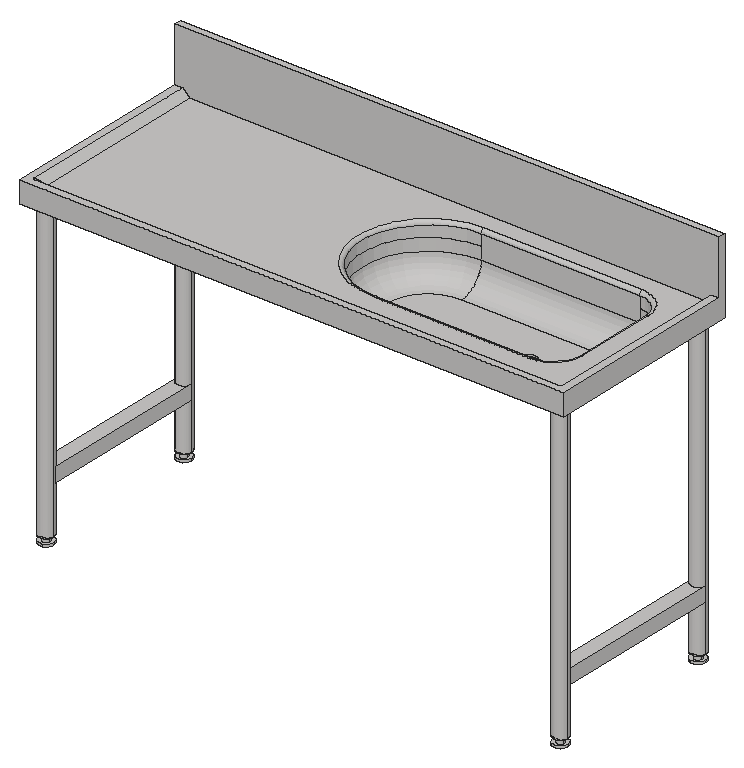
Revit family
Parameters (values of type "1500 X 555")
  Radius Of Semi_Circular Bowl = Width Of Semi_Circular Bowl / 2  # 182.5 mm
  Depth Of Semi_Circular Bowl = 165 mm
  Width Of Semi_Circular Bowl = 365 mm
  Length Of Semi_Circular Bowl = 690 mm
  Waste Connection Radius = Waste Connection Diameter / 2  # 20 mm
  Waste Connection Diameter = 40 mm
  Waste Connection = 1 = 1  # yes
  WFU = 0
  Vent Connection = 1 = 0  # no
  URL = "http://www.autospec.co.za/browse.php?id=1644179282"
  Product Code = "None"
  OmniClass Title = ""
  OmniClass Number = ""
  Modspec Classification = ""
  Specification = ""
  Location (revit room) = ""
  Material = Stainless Steel Grade 304
  HW Connection = 1 = 0  # no
  Description = ""
  Colour = none
  CW Connection = 1 = 0  # no
  Body Finish = none
  Bed Height = 210 mm
  Splashback Height = 150 mm
  Width = 555 mm
  Model = "Baby Bath-BBL"
  Manufacturer = "Kwikot"  # constant formula
  Length = 1500 mm
  Height = 1050 mm
  Assembly Code = "D2010510"
Reference planes
  plane 1 "Back": y = 0
  plane 2 "Bottom": z = 0
  plane 3 "Center (Left/Right)": x = 0
  plane 4 "Left": x = -750
  plane 5 "Right": x = 750
  plane 6 "Front": y = -555
  plane 7 "Top": z = 1050
  plane 8: z = 900
  plane 9: z = 840
  plane 10: z = 735
  plane 11: y = -262
  plane 12: x = 650
  plane 13: x = -40
  plane 14: y = -79.5
  plane 15: y = -444.5
Forms (mm)
  Extrusion 1, solid, material "Stainless Steel Grade 304" <- "Material"
    sketch origin (-750, -491, 4000) x (0, -1, 0) y (0, 0, 1)
      loop
        line (-491, -3160) -> (64, -3160) -> (64, -3100) -> (-471, -3100) -> (-471, -2950) -> (-491, -2950) -> (-491, -3160)
    from 0 to -1500
  Blend 2, void
    base sketch origin (-779.234, -1524, 900) x (0, -1, 0) y (1, 0, 0)
      loop
        arc (-994, 49.234) -> (-990.464, 50.698) -> (-989, 54.234) r 5
        line (-989, 54.234) -> (-989, 1504.234)
        arc (-989, 1504.234) -> (-990.464, 1507.769) -> (-994, 1509.234) r 5
        line (-994, 1509.234) -> (-1504, 1509.234) -> (-1504, 49.234) -> (-994, 49.234)
    top sketch origin (-779.234, -1524, 900) x (0, -1, 0) y (1, 0, 0)
      loop
        line (-1504, 69.234) -> (-1014, 69.234)
        arc (-1014, 69.234) -> (-1010.464, 70.698) -> (-1009, 74.234) r 5
        line (-1009, 74.234) -> (-1009, 1484.234)
        arc (-1009, 1484.234) -> (-1010.464, 1487.769) -> (-1014, 1489.234) r 5
        line (-1014, 1489.234) -> (-1504, 1489.234) -> (-1504, 69.234)
    from 0 to -20
  Extrusion 3, void
    sketch origin (-779.234, -1524, 840) x (0, -1, 0) y (-1, 0, 0)
      loop
        line (-1444.5, -921.734) -> (-1444.5, -1359.234)
        arc (-1444.5, -1359.234) -> (-1423.997, -1408.731) -> (-1374.5, -1429.234) r 70
        line (-1374.5, -1429.234) -> (-1149.5, -1429.234)
        arc (-1149.5, -1429.234) -> (-1100.003, -1408.731) -> (-1079.5, -1359.234) r 70
        line (-1079.5, -1359.234) -> (-1079.5, -921.734)
        arc (-1079.5, -921.734) -> (-1262, -739.234) -> (-1444.5, -921.734) r 182.5
    from 0 to -60
  Sweep 4, solid, material "Stainless Steel Grade 304" <- "Material"
    path origin (-779.234, -1524, 840) x (-1, 0, 0) y (0, -1, 0)
      loop
        line (-1359.234, -1444.5) -> (-921.734, -1444.5)
        arc (-921.734, -1444.5) -> (-739.234, -1262) -> (-921.734, -1079.5) r 182.5
        line (-921.734, -1079.5) -> (-1359.234, -1079.5)
        arc (-1359.234, -1079.5) -> (-1408.731, -1100.003) -> (-1429.234, -1149.5) r 70
        line (-1429.234, -1149.5) -> (-1429.234, -1374.5)
        arc (-1429.234, -1374.5) -> (-1408.731, -1423.997) -> (-1359.234, -1444.5) r 70
    profile origin (361.25, -79.5, 840) x (0, -1, 0) y (0, 0, 1)
      loop
        line (0, 0) -> (-2.5, 0) -> (-2.5, -35)
        arc (-2.5, -35) -> (18.003, -84.497) -> (67.5, -105) r 70
        line (67.5, -105) -> (67.5, -102.5)
        arc (67.5, -102.5) -> (19.77, -82.73) -> (0, -35) r 67.5
        line (0, -35) -> (0, 0)
  Extrusion 5, solid, material "Stainless Steel Grade 304" <- "Material"
    sketch origin (-1108.106, -1524, 735) x (-1, 0, 0) y (0, -1, 0)
      loop
        arc (-1250.606, -1377) -> (-1135.606, -1262) -> (-1250.606, -1147) r 115
        line (-1250.606, -1147) -> (-1688.106, -1147)
        arc (-1688.106, -1147) -> (-1689.874, -1147.732) -> (-1690.606, -1149.5) r 2.5
        line (-1690.606, -1149.5) -> (-1690.606, -1374.5)
        arc (-1690.606, -1374.5) -> (-1689.874, -1376.268) -> (-1688.106, -1377) r 2.5
        line (-1688.106, -1377) -> (-1250.606, -1377)
      loop
        circle (-1528.106, -1262) r 20
    from 0 to 2.5
  Extrusion 6, solid, material "Stainless Steel Grade 304" <- "Material"
    sketch origin (-1108.106, -1524, 735) x (-1, 0, 0) y (0, -1, 0)
      loop
        circle (-1528.106, -1262) r 20
      loop
        circle (-1528.106, -1262) r 23
    from 0 to -5
  Sweep 7, void
    path origin (-779.234, -1524, 900) x (-1, 0, 0) y (0, -1, 0)
      loop
        line (-1359.234, -1444.5) -> (-921.734, -1444.5)
        arc (-921.734, -1444.5) -> (-739.234, -1262) -> (-921.734, -1079.5) r 182.5
        line (-921.734, -1079.5) -> (-1359.234, -1079.5)
        arc (-1359.234, -1079.5) -> (-1408.731, -1100.003) -> (-1429.234, -1149.5) r 70
        line (-1429.234, -1149.5) -> (-1429.234, -1374.5)
        arc (-1429.234, -1374.5) -> (-1408.731, -1423.997) -> (-1359.234, -1444.5) r 70
    profile origin (361.25, -79.5, 900) x (0, -1, 0) y (0, 0, 1)
      loop
        line (0, -20) -> (-10, -20)
        arc (-10, -20) -> (-2.929, -22.929) -> (0, -30) r 10
        line (0, -30) -> (0, -20)
Cuts and joins
  Blend 2, Extrusion 3, Sweep 7 cuts Extrusion 1
  Sweep 7 cuts Sweep 4
  Sweep 7 cuts Extrusion 5
  joined: Extrusion 1, Sweep 4, Extrusion 5
Lines and regions (mm)
  symbolic lines
    curve 1: line (-750, 0, 750) -> (-750, -555, 750)
    curve 2: line (750, 0, 750) -> (-750, 0, 750)
    curve 3: line (750, -555, 750) -> (750, 0, 750)
    curve 4: line (-750, -555, 750) -> (750, -555, 750)
    curve 5: line (725, -535, 750) -> (-725, -535, 750)
    curve 6: arc (-725, -535, 750) -> (-728.536, -533.536, 750) -> (-730, -530, 750) r 5
    curve 7: line (-730, -530, 750) -> (-730, -20, 750)
    curve 8: line (-750, -20, 750) -> (750, -20, 750)
    curve 9: arc (730, -530, 750) -> (728.536, -533.536, 750) -> (725, -535, 750) r 5
    curve 10: line (730, -20, 750) -> (730, -530, 750)
    curve 11: line (580, -79.5, 750) -> (142.5, -79.5, 750)
    curve 12: arc (650, -149.5, 750) -> (629.497, -100.003, 750) -> (580, -79.5, 750) r 70
    curve 13: line (650, -374.5, 750) -> (650, -149.5, 750)
    curve 14: arc (580, -444.5, 750) -> (629.497, -423.997, 750) -> (650, -374.5, 750) r 70
    curve 15: line (142.5, -444.5, 750) -> (580, -444.5, 750)
    curve 16: arc (142.5, -79.5, 750) -> (-40, -262, 750) -> (142.5, -444.5, 750) r 182.5
    curve 19: line (-710, -20, 750) -> (-710, -510, 750)
    curve 20: arc (-710, -510, 750) -> (-708.536, -513.536, 750) -> (-705, -515, 750) r 5
    curve 21: line (-705, -515, 750) -> (705, -515, 750)
    curve 22: arc (705, -515, 750) -> (708.536, -513.536, 750) -> (710, -510, 750) r 5
    curve 23: line (710, -510, 750) -> (710, -20, 750)
  symbolic lines, detail levels fine
    curve 17: arc (440, -262, 750) -> (420, -282, 750) -> (400, -262, 750) r 20
    curve 18: arc (400, -262, 750) -> (420, -242, 750) -> (440, -262, 750) r 20
Dimensions and locks
  equal spacing: plane 4 "Left", plane 3 "Center (Left/Right)", plane 5 "Right"
  "Length": plane 4 "Left" to plane 5 "Right"
  "Width": plane 1 "Back" to plane 6 "Front"
  "Height": plane 7 "Top" to level
  "Splashback Height": plane 7 "Top" to plane 8
  Blend 2 sketch curve to plane 6 "Front" = 20 mm
  "Bed Height": plane 7 "Top" to plane 9
  "Depth Of Semi_Circular Bowl": plane 8 to plane 10
  locked: plane 11 to plane 6 "Front" at 293
  "Length Of Semi_Circular Bowl": plane 13 to plane 12
  "Width Of Semi_Circular Bowl": plane 14 to plane 15
  equal spacing: plane 14, plane 11, plane 15
  plane 12 to plane 5 "Right" = 100 mm
  "Radius Of Semi_Circular Bowl": plane 13 to Extrusion 3 sketch curve
  Extrusion 5 sketch curve to plane 5 "Right" = 330 mm
  radius of Sweep 4 sketch curve = 67.5 mm
  radius of Sweep 4 sketch curve = 70 mm
  aligned and locked: level to plane 2 "Bottom"
  aligned and locked: Extrusion 1 sketch curve to plane 9
  aligned and locked: Extrusion 1 sketch curve to plane 1 "Back"
  aligned and locked: plane 8 to Extrusion 1 sketch curve
  aligned and locked: Extrusion 1 sketch curve to plane 6 "Front"
  aligned and locked: plane 7 "Top" to Extrusion 1 sketch curve
  aligned and locked: plane 4 "Left" to Extrusion 1
  aligned and locked: Extrusion 1 to plane 5 "Right"
  aligned and locked: var sketch to Blend 2 sketch curve
  aligned and locked: plane 8 to Extrusion 3
  aligned and locked: Extrusion 3 to plane 9
  aligned and locked: curve 1 to cut or joined group of Extrusion 1, Blend 2, Extrusion 3, Sweep 4, Extrusion 5, Sweep 7
  aligned and locked: curve 2 to cut or joined group of Extrusion 1, Blend 2, Extrusion 3, Sweep 4, Extrusion 5, Sweep 7
  aligned and locked: curve 3 to cut or joined group of Extrusion 1, Blend 2, Extrusion 3, Sweep 4, Extrusion 5, Sweep 7
  aligned and locked: curve 4 to cut or joined group of Extrusion 1, Blend 2, Extrusion 3, Sweep 4, Extrusion 5, Sweep 7
  aligned and locked: curve 6 to cut or joined group of Extrusion 1, Blend 2, Extrusion 3, Sweep 4, Extrusion 5, Sweep 7
  aligned and locked: curve 8 to cut or joined group of Extrusion 1, Blend 2, Extrusion 3, Sweep 4, Extrusion 5, Sweep 7
  aligned and locked: curve 9 to cut or joined group of Extrusion 1, Blend 2, Extrusion 3, Sweep 4, Extrusion 5, Sweep 7
  aligned and locked: curve 10 to cut or joined group of Extrusion 1, Blend 2, Extrusion 3, Sweep 4, Extrusion 5, Sweep 7
  aligned and locked: curve 19 to cut or joined group of Extrusion 1, Blend 2, Extrusion 3, Sweep 4, Extrusion 5, Sweep 7
  aligned and locked: curve 20 to cut or joined group of Extrusion 1, Blend 2, Extrusion 3, Sweep 4, Extrusion 5, Sweep 7
  aligned and locked: curve 22 to cut or joined group of Extrusion 1, Blend 2, Extrusion 3, Sweep 4, Extrusion 5, Sweep 7
  aligned and locked: plane 11 to Extrusion 3 sketch curve
  aligned and locked: plane 12 to Extrusion 3 sketch curve
  aligned and locked: plane 15 to Extrusion 3 sketch curve
  aligned and locked: Sweep 4 sketch curve to cut or joined group of Extrusion 1, Blend 2, Extrusion 3, Sweep 4, Extrusion 5, Sweep 7  (x5)
  aligned and locked: Extrusion 5 sketch curve to Sweep 4  (x3)
  aligned and locked: plane 11 to Extrusion 5 sketch curve
  aligned and locked: Extrusion 6 sketch curve to cut or joined group of Extrusion 1, Blend 2, Extrusion 3, Sweep 4, Extrusion 5, Sweep 7  (x2)
  aligned and locked: curve 16 to cut or joined group of Extrusion 1, Blend 2, Extrusion 3, Sweep 4, Extrusion 5, Sweep 7
  aligned and locked: curve 14 to cut or joined group of Extrusion 1, Blend 2, Extrusion 3, Sweep 4, Extrusion 5, Sweep 7
  aligned and locked: curve 12 to cut or joined group of Extrusion 1, Blend 2, Extrusion 3, Sweep 4, Extrusion 5, Sweep 7
  aligned and locked: plane 10 to Sweep 4 sketch curve
  aligned and locked: Sweep 7 sketch curve to cut or joined group of Extrusion 1, Blend 2, Extrusion 3, Sweep 4, Extrusion 5, Sweep 7  (x3)
  aligned and locked: profile plane to Sweep 7 sketch curve
  aligned and locked: cut or joined group of Extrusion 1, Blend 2, Extrusion 3, Sweep 4, Extrusion 5, Sweep 7 to Sweep 7 sketch curve
  aligned and locked: nested 2 to plane 5 "Right"
  aligned and locked: plane 1 "Back" to nested 2
  aligned and locked: nested 1 to plane 4 "Left"
  aligned and locked: plane 1 "Back" to nested 1
Automatic sketch dimensions
  plane 6 "Front" to Blend 2 sketch curve = 25 mm
  Blend 2 sketch curve to Blend 2 sketch curve = 5 mm  (x2)
  Blend 2 sketch curve to plane 4 "Left" = 20 mm
  plane 5 "Right" to Blend 2 sketch curve = 25 mm
  plane 6 "Front" to Blend 2 sketch curve = 45 mm  (x2)
  Blend 2 sketch curve to plane 4 "Left" = 45 mm
  plane 5 "Right" to Blend 2 sketch curve = 45 mm
  plane 1 "Back" to Extrusion 1 sketch curve = 20 mm
  Extrusion 3 sketch curve to Extrusion 3 sketch curve = 70 mm  (x2)
  plane 1 "Back" to Blend 2 sketch curve = 20 mm
  plane 1 "Back" to curve 2 = 0 mm
  curve 2 to plane 5 "Right" = 0 mm
  curve 1 to plane 4 "Left" = 0 mm
  curve 1 to plane 6 "Front" = 0 mm
  curve 18 to plane 11 = 0 mm
  curve 14 to curve 18 = 140 mm
  curve 17 to curve 18 = 20 mm
  Sweep 4 sketch curve to Sweep 4 sketch curve = 0 mm
  Extrusion 6 sketch curve to Extrusion 6 sketch curve = 0 mm  (x2)
  Extrusion 6 sketch curve to Extrusion 6 sketch curve = 3 mm
  Sweep 7 sketch curve to Sweep 7 sketch curve = 10 mm  (x3)
  profile plane to Sweep 7 sketch curve = 10 mm
  Sweep 7 sketch curve to profile plane = 0 mm
  radius of Extrusion 5 sketch curve = 20 mm
Nested families
  nested 1: "Round Legs Pair" at (-750, 0, 0), Width <- "Width", Height <- "Height", Bed Height <- "Bed Height", type "Round Legs Pair"
    with Width 555 mm, Height 1050 mm, Bed Height 210 mm
  nested 2: "Round Legs Pair" at (750, 0, 0) x (-1, 0, 0) z (0, 0, 1), Width <- "Width", Height <- "Height", Bed Height <- "Bed Height", type "Round Legs Pair"
    with Width 555 mm, Height 1050 mm, Bed Height 210 mm
Connectors
  piping at (420, -262, 730), driven by "Waste Connection Radius", driven by "WFU"
    settings: on Extrusion 6, index 1, connector radius 20 mm, flow factor 0, pipe flow 0.0 L/s, pressure drop 0.0 Pa, fitting loss kfactor 0, connector angle 0.00°, fixture units 0, flow configuration 3, flow direction 2, fitting loss method 0, system type 16, connector reference index -1, connector utility 0, adjustable connector no, is connector primary yes, fitting loss table "", connector description "Waste Connection"
Definition of nested family "Round Legs Pair"
  Parameters (values of type "Round Legs Pair")
    Width [instance] = 700 mm
    Height [instance] = 900 mm
    Bed Height [instance] = 230 mm
    Assembly Code = ""
  Reference planes
    plane 1 "Center (Front/Back)": y = 0
    plane 2: z = 0
    plane 3 "Center (Left/Right)": x = 0
    plane 4: z = 900
    plane 5: y = -700
    plane 6: z = 670
  Forms (mm)
    Extrusion 1, solid, material "Stainless Steel Grade 304"
      sketch origin (0, 0, 0) x (1, 0, 0) y (0, 1, 0)
        loop
          circle (40, -40) r 20.5
        loop
          circle (40, -660) r 20.5
        loop
          circle (40, -40) r 19.3
        loop
          circle (40, -660) r 19.3
      from 22 to 670
    Extrusion 2, solid, material "Stainless Steel Grade 304"
      sketch origin (0, 0, 0) x (1, 0, 0) y (0, 1, 0)
        loop
          circle (40, -40) r 20.5
        loop
          circle (40, -660) r 20.5
      from 0 to 5
    Extrusion 3, solid, material "Stainless Steel Grade 304"
      sketch origin (0, 0, 0) x (1, 0, 0) y (0, 1, 0)
        loop
          circle (40, -660) r 20.5
        loop
          circle (40, -40) r 20.5
      from 22 to 20
    Extrusion 4, solid, material "Stainless Steel Grade 304"
      sketch origin (0, 0, 0) x (1, 0, 0) y (0, 1, 0)
        loop
          circle (40, -40) r 10
        loop
          circle (40, -660) r 10
      from 5 to 20
    Extrusion 5, solid, material "Stainless Steel Grade 304"
      sketch origin (0, 0, 0) x (1, 0, 0) y (0, 1, 0)
        loop
          line (19.5, -40) -> (19.5, -660)
          arc (19.5, -660) -> (40, -639.5) -> (60.5, -660) r 20.5
          line (60.5, -660) -> (60.5, -40)
          arc (60.5, -40) -> (40, -60.5) -> (19.5, -40) r 20.5
      from 150 to 190
  Dimensions and locks
    "Width": plane 1 "Center (Front/Back)" to plane 5
    "Height": plane 4 to plane 2
    plane 3 "Center (Left/Right)" to Extrusion 1 sketch curve = 40 mm  (x2)
    Extrusion 1 sketch curve to plane 1 "Center (Front/Back)" = 40 mm
    Extrusion 1 sketch curve to plane 5 = 40 mm
    plane 3 "Center (Left/Right)" to Extrusion 2 sketch curve = 40 mm  (x2)
    plane 3 "Center (Left/Right)" to Extrusion 4 sketch curve = 40 mm  (x2)
    Extrusion 2 sketch curve to plane 1 "Center (Front/Back)" = 40 mm
    Extrusion 2 sketch curve to plane 5 = 40 mm
    Extrusion 4 sketch curve to plane 5 = 40 mm
    Extrusion 4 sketch curve to plane 1 "Center (Front/Back)" = 40 mm
    "Bed Height": plane 4 to plane 6
    radius of Extrusion 2 sketch curve = 20.5 mm  (x2)
    radius of Extrusion 1 sketch curve = 20.5 mm  (x2)
    radius of Extrusion 1 sketch curve = 19.3 mm  (x2)
    radius of Extrusion 4 sketch curve = 10 mm  (x2)
    aligned and locked: level to plane 2
    aligned and locked: Extrusion 3 sketch curve to Extrusion 1  (x4)
    aligned and locked: Extrusion 5 sketch curve to Extrusion 1  (x2)
    aligned: plane 4 to Extrusion 1
    aligned and locked: plane 6 to Extrusion 1
  Automatic sketch dimensions
    plane 3 "Center (Left/Right)" to Extrusion 2 sketch curve = 19.5 mm
    Extrusion 1 sketch curve to Extrusion 1 sketch curve = 0 mm  (x4)
